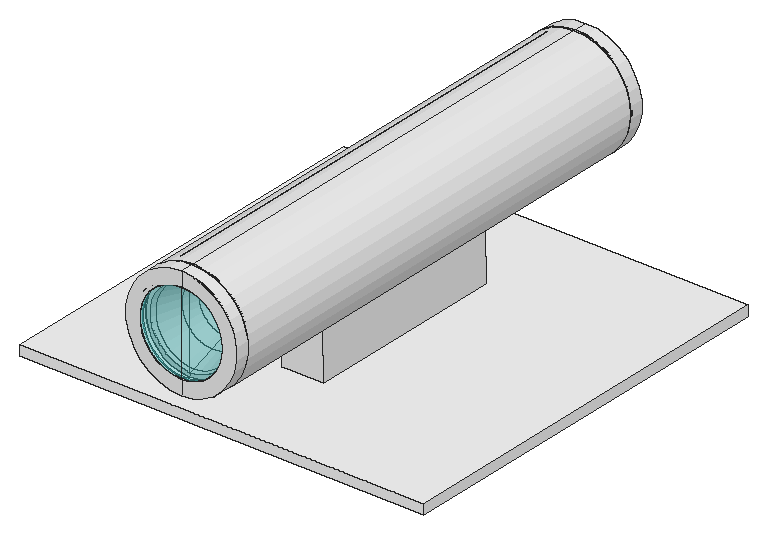
Revit family "BE_24008_de_DE", category Leuchten, Revit 2015
Parameters (values of type "BEGA_24008_Weiß_K4")
  built-in parameter 1150104 = 14.279 (stored number, unit not read)
  Wattage = 24.2 W
  Default Elevation = 0 mm
  built-in parameter 1150113 = 1 (stored number, unit not read)
  built-in parameter 1114218 = 1 (stored number, unit not read)
  Umgebungstemperatur = "25 °C"
  URL = "http://www.bega.de/produkt/24008"
  Typenkommentare = "© 2017 BEGA. Wir behalten uns das Recht vor, technische Änderungen ohne vorherige Ankündigung vorzunehmen."  # constant formula
  Type Image = 24008.png
  built-in parameter 1150134 = 12
  built-in parameter 1150109 = 1 (stored number, unit not read)
  Strom = ""
  built-in parameter 1150110 = 1 (stored number, unit not read)
  Spannung = 239.996 V
  Sonderanfertigung = no
  Seriennummer [instance] = "Hier können Sie die eindeutige Seriennummer für das Facility Management eintragen."
  Schutzklasse = "I"
  Schutzart = "IP 65"
  Scheinlast = 0 VA
  Produktdatenblatt = "http://www.bega.de/download/Xrfa/db/24008.db.de.pdf"
  Oberflächentemperatur = ""
  Neigungswinkel = 0.00°
  Modell = "24008WK4"
  Material_17 = BEGA_Reflektor
  Material_15 = BEGA_Leuchtmedium_matt
  Material_11 = BEGA_Glas_opal
  Material_09 = BEGA_Glas_klar
  Material_06 = BEGA_Oberfläche_Edelstahl_gebürstet
  Material_03 = BEGA_Oberfläche_Weiss_matt
  Material_02 = BEGA_Oberfläche_Silber_matt
  Material_01 [instance] = BEGA_Oberfläche_Grafit_matt
  M_W = yes
  M_G = no
  M_A = no
  Logo = 0
  built-in parameter 1114217 = 1 (stored number, unit not read)
  built-in parameter 1150139 = (empty or 0)
  built-in parameter 1150105 = 295.99 (stored number, unit not read)
  built-in parameter 1150114 = 1 (stored number, unit not read)
  Lumens = 3719.54 lm
  built-in parameter 1150115 = 1 (stored number, unit not read)
  Leuchtenlichtstrom = "2369 lm"
  Leuchtenanzahl = ""
  Lebensdauerkriterien = "L70B50 @ 25 °C = 330000 h"
  Lastklassifizierung = Beleuchtung
  built-in parameter 1150112 = 1 (stored number, unit not read)
  Lampenlichtstrom = "3720 lm"
  Lampe = "LED 24.2 W"
  LED_Modulbezeichnung = "2x LED-0813/840"
  built-in parameter 1150142 = (empty or 0)
  Hersteller = "BEGA"  # constant formula
  Halbstreuwinkel = ""
  Gewicht = "3.2 kg"
  Gebrauchslageneinschränkung [instance] = ""
  Frequenz = "0/50-60 Hz"
  Farbwiedergabeindex = "Ra > 80"
  Farbtemperaturverschiebung bei Dämpfen der Lampe = <Keine Auswahl>
  Farbtemperatur = "4000 K"
  Color Filter = 16777215
  built-in parameter 1150133 = 10 (stored number, unit not read)
  Energieeffizienzklasse = "LED A++ - A"
  built-in parameter 1150137 = (empty or 0)
  built-in parameter 1150132 = (empty or 0)
  ENEC = ""
  Dimmbar [instance] = "DALI"
  Datei für fotometrisches Netz = "BE_24008K4.IES"
  CE_Konformität = "ja"
  Bestellnummer = "24008WK4"
  Beschreibung_Sonderanfertigung = "Hier können Sie Informationen zur Sonderanfertigung eintragen."
  Beschreibung = "Wandleuchte"
  built-in parameter 1150106 = 2.9599 (stored number, unit not read)
  Befestigungsbohrung = "Ø 5,3 mm"
  Befestigungsabstand = "160 x 14 mm"
  Ballwurfsicher = ""
  BEGA_Intern_aus = yes
  BEGA_Intern_an = yes
  BEGA_Intern_Konstruktion = yes
  BEGA_Intern = yes
  BEGA_IES = yes
  BEGA_Dummy = no
  Anschlussleitung = ""
  Anschlussleistung [instance] = "28 W"
  Anschlusskasten = ""
  built-in parameter 1150107 = 4000 (stored number, unit not read)
  built-in parameter 1150102 = (empty or 0)
  built-in parameter 1150138 = (empty or 0)
  Aktualisierung = "2017-06-27T04:08:34"
  Abstand_zur_angestrahlten_Fläche [instance] = ""
  AC/DC = "AC/DC"
Types (6, lengths in mm): name | built-in parameter 1150104 | Wattage | built-in parameter 1150134 | Modell | M_W | M_G | M_A | built-in parameter 1150105 | Lumens | Leuchtenlichtstrom | Lampenlichtstrom | LED_Modulbezeichnung | Farbtemperatur | Datei für fotometrisches Netz | Bestellnummer | built-in parameter 1150106 | built-in parameter 1150107
  BEGA_24008_Weiß_K4 | 14.279 (stored number, unit not read) | 24.2 W | 12 | "24008WK4" | yes | no | no | 295.99 (stored number, unit not read) | 3719.54 lm | "2369 lm" | "3720 lm" | "2x LED-0813/840" | "4000 K" | "BE_24008K4.IES" | "24008WK4" | 2.9599 (stored number, unit not read) | 4000 (stored number, unit not read)
  BEGA_24008_Weiß_K3 | 13.359 (stored number, unit not read) | 24.2 W | (empty or 0) | "24008W" | yes | no | no | 276.93 (stored number, unit not read) | 3479.96 lm | "2216 lm" | "3480 lm" | "2x LED-0813/830 " | "3000 K" | "BE_24008.IES" | "24008W" | 2.7693 (stored number, unit not read) | 3000 (stored number, unit not read)
  BEGA_24008_Grafit_K4 | 13.8 (stored number, unit not read) | 153.7 W | 12 | "24008K4" | no | yes | no | 1816.8 (stored number, unit not read) | 22830.9 lm | "2369 lm" | "3720 lm" | "2x LED-0813/840" | "4000 K" | "BE_24008K4.IES" | "24008K4" | 18.168 (stored number, unit not read) | 4000 (stored number, unit not read)
  BEGA_24008_Silber_K4 | 14.279 (stored number, unit not read) | 24.2 W | 12 | "24008AK4" | no | no | yes | 295.99 (stored number, unit not read) | 3719.54 lm | "2369 lm" | "3720 lm" | "2x LED-0813/840" | "4000 K" | "BE_24008K4.IES" | "24008AK4" | 2.9599 (stored number, unit not read) | 4000 (stored number, unit not read)
  BEGA_24008_Silber_K3 | 13.359 (stored number, unit not read) | 24.2 W | (empty or 0) | "24008A" | no | no | yes | 276.93 (stored number, unit not read) | 3479.96 lm | "2216 lm" | "3480 lm" | "2x LED-0813/830 " | "3000 K" | "BE_24008.IES" | "24008A" | 2.7693 (stored number, unit not read) | 3000 (stored number, unit not read)
  BEGA_24008_Grafit_K3 | 13.359 (stored number, unit not read) | 24.2 W | (empty or 0) | "24008" | no | yes | no | 276.93 (stored number, unit not read) | 3479.96 lm | "2216 lm" | "3480 lm" | "2x LED-0813/830 " | "3000 K" | "BE_24008.IES" | "24008" | 2.7693 (stored number, unit not read) | 3000 (stored number, unit not read)
Reference planes
  plane 1 "Mitte (Vorne/Hinten)": y = 0
  plane 2: z = 0
  plane 3 "Mitte (Links/Rechts)": x = 0
  plane 4 "Links": x = -55
  plane 5 "Rechts": x = 55
  plane 6 "Unten": y = -249.991
  plane 7 "Oben": y = 250
  plane 8 "Vorne": z = 157.5
  plane 9 "Hinten": z = 0
Forms (mm)
  Extrusion 1, solid, material "BEGA_Platte_Weiss"
    sketch origin (0, -1119.2, 0) x (1, 0, 0) y (0, 1, 0)
      loop
        line (-200, 1319.2) -> (-200, 919.2) -> (200, 919.2) -> (200, 1319.2) -> (-200, 1319.2)
    from 0 to -10
  Extrusion 2, solid, material "BEGA_Dummy_matt", visible <- "BEGA_Dummy"
    sketch origin (80.095, -76.023, 0) x (1, 0, 0) y (0, 1, 0)
      loop
        line (-135.095, 326.023) -> (-135.095, -173.968) -> (-25.095, -173.968) -> (-25.095, 326.023) -> (-135.095, 326.023)
    from 0 to 157.5
Dimensions and locks
  plane 1 "Mitte (Vorne/Hinten)" to Extrusion 1 = 200 mm
  aligned and locked: plane 2 to Extrusion 1
  aligned and locked: level to Extrusion 1
Nested families
  nested 1: "BE_24008_Wandleuchte" at (0, 0, 0), type "BE_24008_Wandleuchte"
    with Neigungswinkel_um_Y2 0.00°, Neigungswinkel_um_Y1 0.00°, Neigungswinkel_um_X2 0.00°, Neigungswinkel_um_X1 0.00°, Drehwinkel_um_Z2 0.00°, Drehwinkel_um_Z1 0.00°, BEGA_Neigng_Y2 0.00°, BEGA_Neigng_Y1 0.00°, BEGA_Neigng_X2 0.00°, BEGA_Neigng_X1 0.00°, BEGA_Infotext_Winkel no
Connectors
  electrical at (0, 0, 0), driven by "Lastklassifizierung", driven by "Spannung", driven by "Scheinlast"
    settings: index 1, voltage 239.996 V, apparent load 0 VA, apparent load phase1 0 VA, apparent load phase2 0 VA, apparent load phase3 0 VA, power factor 1, load classification "Beleuchtung", number of poles 1, system type 31, power factor state 1, is connector primary yes, connector utility no, sub classification motor no, connector description ""
Definition of nested family "BE_24008_Wandleuchte"
  Parameters (values of type "BE_24008_Wandleuchte")
    Default Elevation = 1 mm
    URL = "http://www.bega.de/de/produkt"
    Type Comments = "© 2015 BEGA. Wir behalten uns das Recht vor, technische Änderungen ohne vorherige Ankündigung vorzunehmen. "  # constant formula
    Type Image = Bega_Revit_Typenbild_78x78.png
    Neigungswinkel_um_Y2 [instance] = 0.00°
    Neigungswinkel_um_Y1 [instance] = 0.00°
    Neigungswinkel_um_X2 [instance] = 0.00°
    Neigungswinkel_um_X1 [instance] = 0.00°
    Material_17 = none
    Material_15 = none
    Material_09 = none
    Material_03 = none
    Material_02 = none
    Material_01 = none
    M_W = yes
    M_G = yes
    M_A = yes
    Länge_Platte = 200 mm  # constant formula
    Höhe_Platte = -10 mm  # constant formula
    Manufacturer = "BEGA"  # constant formula
    Drehwinkel_um_Z2 [instance] = 0.00°
    Drehwinkel_um_Z1 [instance] = 0.00°
    Breite_Platte = 200 mm  # constant formula
    BEGA_Neigng_Y2 [instance] = if(Neigungswinkel_um_Y2 < -30.00°, -30.00°, if(Neigungswinkel_um_Y2 > 30.00°, 30.00°, Neigungswinkel_um_Y2))  # 0.00°
    BEGA_Neigng_Y1 [instance] = if(Neigungswinkel_um_X2 < -30.00°, -30.00°, if(Neigungswinkel_um_X2 > 30.00°, 30.00°, Neigungswinkel_um_X2))  # 0.00°
    BEGA_Neigng_X2 [instance] = if(Neigungswinkel_um_Y1 < -30.00°, -30.00°, if(Neigungswinkel_um_Y1 > 30.00°, 30.00°, Neigungswinkel_um_Y1))  # 0.00°
    BEGA_Neigng_X1 [instance] = if(Neigungswinkel_um_X1 < -30.00°, -30.00°, if(Neigungswinkel_um_X1 > 30.00°, 30.00°, Neigungswinkel_um_X1))  # 0.00°
    BEGA_Infotext_Winkel [instance] = if(or(Neigungswinkel_um_X1 < -30.00°, Neigungswinkel_um_X1 > 30.00°, Neigungswinkel_um_X2 < -30.00°, Neigungswinkel_um_X2 > 30.00°, Neigungswinkel_um_Y1 < -30.00°, Neigungswinkel_um_Y1 > 30.00°, Neigungswinkel_um_Y2 < -30.00°, Neigungswinkel_um_Y2 > 30.00°), 1 < 2, 1 > 2)  # no
    Aktualisierung = "Stand: 25.03.2015"  # constant formula
  Reference planes
    plane 1 "Mitte (Vorne/Hinten)": y = 0
    plane 2: z = 0
    plane 3 "Mitte (Links/Rechts)": x = 0
    plane 4 "Befestigung Links": x = -55
    plane 5 "Befestigung Rechts": x = 55
    plane 6: z = 157.5
    plane 7: y = 250
    plane 8: y = -249.991
  Forms (mm)
    Extrusion 1, solid, detail levels medium
      sketch origin (0, 0, 0) x (1, 0, 0) y (0, 1, 0)
        loop
          line (-100, 100) -> (-100, -100) -> (100, -100) -> (100, 100) -> (-100, 100)
      from 0 to -10 <- "Höhe_Platte"
    Extrusion 2, solid, material <- "Material_01", visible <- "M_G", detail levels medium+fine
      sketch origin (0, 0, 0) x (1, 0, 0) y (0, 0, 1)
        loop
          line (20.847, 0) -> (20, 48.5) -> (17.678, 50.822)
          arc (17.678, 50.822) -> (16.556, 49.768) -> (15.372, 48.785) r 25
          arc (15.372, 48.785) -> (0.121, 43.5) -> (-15.18, 48.636) r 25
          arc (-15.18, 48.636) -> (-16.465, 49.688) -> (-17.678, 50.822) r 25
          line (-17.678, 50.822) -> (-20, 48.5) -> (-20.847, 0) -> (20.847, 0)
      from -100 to 100
    Extrusion 3, void
      sketch origin (0, 0, 0) x (1, 0, 0) y (0, 1, 0)
        loop
          line (-15.384, 71.433) -> (-15.384, -71.433) -> (15.384, -71.433) -> (15.384, 71.433) -> (-15.384, 71.433)
      from 0 to 11.465
    Extrusion 4, void
      sketch origin (0, 0, 0) x (0, 1, 0) y (0, 0, 1)
        loop
          line (87.516, 43) -> (-87.53, 43) -> (-86.5, 13.501) -> (86.501, 13.501) -> (87.516, 43)
      from -13.32 to 13.455
    Extrusion 5, void
      sketch origin (0, 0, 0) x (1, 0, 0) y (0, 1, 0)
        loop
          circle (7, -80) r 2.65
        loop
          circle (-7, 80) r 2.65
      from 0 to 13.5
    Extrusion 6, void
      sketch origin (0, 0, 0) x (1, 0, 0) y (0, 1, 0)
        loop
          circle (-7, 80) r 5.5
        loop
          circle (7, -80) r 5.5
      from 3.965 to 13.5
    Extrusion 7, void
      sketch origin (0, 0, 0) x (1, 0, 0) y (0, 1, 0)
        loop
          circle (0, 57.191) r 8.5
        loop
          circle (0, 24) r 8.5
      from 11.465 to 13.5
    Revolve 8, solid, material <- "Material_09", detail levels medium+fine
      sketch origin (0, 0, 0) x (0, 1, 0) y (0, 0, 1)
        loop
          line (250, 102.5) -> (250, 143.2) -> (246, 143.2) -> (246, 145.75) -> (240, 145.75) -> (240, 102.5) -> (250, 102.5)
        axis (240, 102.5) -> (250, 102.5)
      angle from 0 to 360
    Revolve 9, solid, material <- "Material_09", detail levels medium+fine
      sketch origin (0, 0, 0) x (0, -1, 0) y (0, 0, 1)
        loop
          line (250, 102.5) -> (250, 143.2) -> (246, 143.2) -> (246, 145.75) -> (240, 145.75) -> (240, 102.5) -> (250, 102.5)
        axis (240, 102.5) -> (250, 102.5)
      angle from 0 to 360
    Revolve 10, solid, material <- "Material_17", detail levels medium+fine
      sketch origin (0, 0, 0) x (0, 1, 0) y (0, 0, 1)
        loop
          line (179.656, 110) -> (180.22, 116.443)
          arc (180.22, 116.443) -> (188.873, 122.105) -> (198.109, 126.756) r 91.573
          arc (198.109, 126.756) -> (205.26, 129.762) -> (212.48, 132.596) r 323.555
          arc (212.48, 132.596) -> (223.888, 136.638) -> (235.46, 140.186) r 281.579
          arc (235.46, 140.186) -> (237.729, 140.848) -> (240, 141.5) r 514.681
          line (240, 141.5) -> (240, 145.25) -> (239.138, 145.25) -> (239.138, 141.774) -> (236.064, 140.884)
          arc (236.064, 140.884) -> (227.608, 138.33) -> (219.214, 135.579) r 378.531
          arc (219.214, 135.579) -> (208.24, 131.549) -> (197.446, 127.061) r 278.266
          arc (197.446, 127.061) -> (188.09, 122.269) -> (179.357, 116.419) r 90.068
          line (179.357, 116.419) -> (178.795, 110) -> (179.656, 110)
        axis (178.795, 102.5) -> (240, 102.5)
      angle from 0 to 360
    Revolve 11, solid, material <- "Material_17", detail levels medium+fine
      sketch origin (0, 0, 0) x (0, -1, 0) y (0, 0, 1)
        loop
          line (179.656, 110) -> (180.22, 116.443)
          arc (180.22, 116.443) -> (188.873, 122.105) -> (198.109, 126.756) r 91.573
          arc (198.109, 126.756) -> (205.26, 129.762) -> (212.48, 132.596) r 323.555
          arc (212.48, 132.596) -> (223.888, 136.638) -> (235.46, 140.186) r 281.579
          arc (235.46, 140.186) -> (237.729, 140.848) -> (240, 141.5) r 514.681
          line (240, 141.5) -> (240, 145.25) -> (239.138, 145.25) -> (239.138, 141.774) -> (236.064, 140.884)
          arc (236.064, 140.884) -> (227.608, 138.33) -> (219.214, 135.579) r 378.531
          arc (219.214, 135.579) -> (208.24, 131.549) -> (197.446, 127.061) r 278.266
          arc (197.446, 127.061) -> (188.09, 122.269) -> (179.357, 116.419) r 90.068
          line (179.357, 116.419) -> (178.795, 110) -> (179.656, 110)
        axis (178.795, 102.5) -> (240, 102.5)
      angle from 0 to 360
    Revolve 12, solid, material <- "Material_15", detail levels medium+fine
      sketch origin (0, 0, 0) x (0, 1, 0) y (0, 0, 1)
        loop
          line (179.656, 102.5) -> (179.656, 110) -> (178.795, 110) -> (178.795, 102.5) -> (179.656, 102.5)
        axis (178.795, 102.5) -> (179.795, 102.5)
      angle from 0 to 360
    Revolve 13, solid, material <- "Material_15", detail levels medium+fine
      sketch origin (0, 0, 0) x (0, -1, 0) y (0, 0, 1)
        loop
          line (179.656, 102.5) -> (179.656, 110) -> (178.795, 110) -> (178.795, 102.5) -> (179.656, 102.5)
        axis (178.795, 102.5) -> (179.795, 102.5)
      angle from 0 to 360
    Revolve 14, solid, material <- "Material_01", visible <- "M_G", detail levels medium+fine
      sketch origin (0, 0, 0) x (0, 1, 0) y (0, 0, 1)
        loop
          line (235.5, 157.5) -> (-235.491, 157.5) -> (-235.491, 155.25) -> (-238.991, 155.25) -> (-238.991, 154) -> (239, 154) -> (239, 155.25) -> (235.5, 155.25) -> (235.5, 157.5)
        axis (-238.991, 102.5) -> (239, 102.5)
      angle from 0 to 360
    Revolve 15, solid, material <- "Material_01", visible <- "M_G", detail levels medium+fine
      sketch origin (0, 0, 0) x (0, 1, 0) y (0, 0, 1)
        loop
          line (250, 157.523) -> (237, 157.75) -> (237, 155.75) -> (239, 155.715) -> (239, 153.905)
          arc (239, 153.905) -> (239.287, 153.204) -> (239.984, 152.905) r 1
          line (239.984, 152.905) -> (246, 152.8) -> (246, 147.526) -> (247.5, 147.5) -> (247.5, 143.719) -> (250, 143.5) -> (250, 157.523)
        axis (237, 102.5) -> (250, 102.5)
      angle from 0 to 360
    Revolve 16, solid, material <- "Material_01", visible <- "M_G", detail levels medium+fine
      sketch origin (0, 0, 0) x (0, -1, 0) y (0, 0, 1)
        loop
          line (250, 157.523) -> (237, 157.75) -> (237, 155.75) -> (239, 155.715) -> (239, 153.905)
          arc (239, 153.905) -> (239.287, 153.204) -> (239.984, 152.905) r 1
          line (239.984, 152.905) -> (246, 152.8) -> (246, 147.526) -> (247.5, 147.5) -> (247.5, 143.719) -> (250, 143.5) -> (250, 157.523)
        axis (237, 102.5) -> (250, 102.5)
      angle from 0 to 360
    Extrusion 17, solid, material <- "Material_02", visible <- "M_A", detail levels medium+fine
      sketch origin (0, 0, 0) x (1, 0, 0) y (0, 0, 1)
        loop
          line (20.847, 0) -> (20, 48.5) -> (17.678, 50.822)
          arc (17.678, 50.822) -> (16.556, 49.768) -> (15.372, 48.785) r 25
          arc (15.372, 48.785) -> (0.121, 43.5) -> (-15.18, 48.636) r 25
          arc (-15.18, 48.636) -> (-16.465, 49.688) -> (-17.678, 50.822) r 25
          line (-17.678, 50.822) -> (-20, 48.5) -> (-20.847, 0) -> (20.847, 0)
      from -100 to 100
    Revolve 18, solid, material <- "Material_02", visible <- "M_A", detail levels medium+fine
      sketch origin (0, 0, 0) x (0, 1, 0) y (0, 0, 1)
        loop
          line (235.5, 157.5) -> (-235.491, 157.5) -> (-235.491, 155.25) -> (-238.991, 155.25) -> (-238.991, 154) -> (239, 154) -> (239, 155.25) -> (235.5, 155.25) -> (235.5, 157.5)
        axis (-238.991, 102.5) -> (239, 102.5)
      angle from 0 to 360
    Revolve 19, solid, material <- "Material_02", visible <- "M_A", detail levels medium+fine
      sketch origin (0, 0, 0) x (0, 1, 0) y (0, 0, 1)
        loop
          line (250, 157.523) -> (237, 157.75) -> (237, 155.75) -> (239, 155.715) -> (239, 153.905)
          arc (239, 153.905) -> (239.287, 153.204) -> (239.984, 152.905) r 1
          line (239.984, 152.905) -> (246, 152.8) -> (246, 147.526) -> (247.5, 147.5) -> (247.5, 143.719) -> (250, 143.5) -> (250, 157.523)
        axis (237, 102.5) -> (250, 102.5)
      angle from 0 to 360
    Revolve 20, solid, material <- "Material_02", visible <- "M_A", detail levels medium+fine
      sketch origin (0, 0, 0) x (0, -1, 0) y (0, 0, 1)
        loop
          line (250, 157.523) -> (237, 157.75) -> (237, 155.75) -> (239, 155.715) -> (239, 153.905)
          arc (239, 153.905) -> (239.287, 153.204) -> (239.984, 152.905) r 1
          line (239.984, 152.905) -> (246, 152.8) -> (246, 147.526) -> (247.5, 147.5) -> (247.5, 143.719) -> (250, 143.5) -> (250, 157.523)
        axis (237, 102.5) -> (250, 102.5)
      angle from 0 to 360
    Extrusion 21, solid, material <- "Material_03", visible <- "M_W", detail levels medium+fine
      sketch origin (0, 0, 0) x (1, 0, 0) y (0, 0, 1)
        loop
          line (20.847, 0) -> (20, 48.5) -> (17.678, 50.822)
          arc (17.678, 50.822) -> (16.556, 49.768) -> (15.372, 48.785) r 25
          arc (15.372, 48.785) -> (0.121, 43.5) -> (-15.18, 48.636) r 25
          arc (-15.18, 48.636) -> (-16.465, 49.688) -> (-17.678, 50.822) r 25
          line (-17.678, 50.822) -> (-20, 48.5) -> (-20.847, 0) -> (20.847, 0)
      from -100 to 100
    Revolve 22, solid, material <- "Material_03", visible <- "M_W", detail levels medium+fine
      sketch origin (0, 0, 0) x (0, 1, 0) y (0, 0, 1)
        loop
          line (235.5, 157.5) -> (-235.491, 157.5) -> (-235.491, 155.25) -> (-238.991, 155.25) -> (-238.991, 154) -> (239, 154) -> (239, 155.25) -> (235.5, 155.25) -> (235.5, 157.5)
        axis (-238.991, 102.5) -> (239, 102.5)
      angle from 0 to 360
    Revolve 23, solid, material <- "Material_03", visible <- "M_W", detail levels medium+fine
      sketch origin (0, 0, 0) x (0, 1, 0) y (0, 0, 1)
        loop
          line (250, 157.523) -> (237, 157.75) -> (237, 155.75) -> (239, 155.715) -> (239, 153.905)
          arc (239, 153.905) -> (239.287, 153.204) -> (239.984, 152.905) r 1
          line (239.984, 152.905) -> (246, 152.8) -> (246, 147.526) -> (247.5, 147.5) -> (247.5, 143.719) -> (250, 143.5) -> (250, 157.523)
        axis (237, 102.5) -> (250, 102.5)
      angle from 0 to 360
    Revolve 24, solid, material <- "Material_03", visible <- "M_W", detail levels medium+fine
      sketch origin (0, 0, 0) x (0, -1, 0) y (0, 0, 1)
        loop
          line (250, 157.523) -> (237, 157.75) -> (237, 155.75) -> (239, 155.715) -> (239, 153.905)
          arc (239, 153.905) -> (239.287, 153.204) -> (239.984, 152.905) r 1
          line (239.984, 152.905) -> (246, 152.8) -> (246, 147.526) -> (247.5, 147.5) -> (247.5, 143.719) -> (250, 143.5) -> (250, 157.523)
        axis (237, 102.5) -> (250, 102.5)
      angle from 0 to 360
  Cuts and joins
    Extrusion 3, Extrusion 4, Extrusion 5, Extrusion 6, Extrusion 7 cuts Extrusion 2
    joined: Revolve 15, Revolve 16
    joined: Revolve 8, Revolve 9
    joined: Revolve 10, Revolve 11
    joined: Revolve 12, Revolve 13
    Extrusion 3, Extrusion 5, Extrusion 7 cuts Extrusion 17
    Extrusion 3, Extrusion 5, Extrusion 7 cuts Extrusion 21
  Dimensions and locks
    equal spacing: Extrusion 1 sketch curve, plane 3 "Mitte (Links/Rechts)", Extrusion 1 sketch curve
    equal spacing: Extrusion 1 sketch curve, plane 1 "Mitte (Vorne/Hinten)", Extrusion 1 sketch curve
    "Länge_Platte": Extrusion 1 sketch curve to Extrusion 1 sketch curve
    "Breite_Platte": Extrusion 1 sketch curve to Extrusion 1 sketch curve
    plane 1 "Mitte (Vorne/Hinten)" to Extrusion 1 = 100 mm  (x3)
    aligned and locked: Extrusion 1 to plane 2
    aligned and locked: Extrusion 1 to level
  Automatic sketch dimensions
    Extrusion 2 sketch curve to Extrusion 2 sketch curve = 0 mm  (x7)
    Extrusion 2 sketch curve to level = 0 mm
    Extrusion 2 sketch curve to plane 3 "Mitte (Links/Rechts)" = 0 mm
    Extrusion 2 sketch curve to plane 3 "Mitte (Links/Rechts)" = 17.678 mm
    Extrusion 2 sketch curve to Extrusion 2 sketch curve = 2.322 mm  (x3)
    Extrusion 2 sketch curve to plane 3 "Mitte (Links/Rechts)" = 20.847 mm
    plane 3 "Mitte (Links/Rechts)" to Extrusion 2 sketch curve = 17.678 mm
    plane 3 "Mitte (Links/Rechts)" to Extrusion 2 sketch curve = 20.847 mm
    level to Extrusion 2 sketch curve = 48.5 mm
    Extrusion 2 sketch curve to Extrusion 2 sketch curve = 17.678 mm
    Extrusion 2 sketch curve to Extrusion 2 sketch curve = 2.498 mm
    Extrusion 2 sketch curve to Extrusion 2 sketch curve = 2.306 mm
    Extrusion 3 sketch curve to plane 3 "Mitte (Links/Rechts)" = 15.384 mm
    plane 3 "Mitte (Links/Rechts)" to Extrusion 3 sketch curve = 15.384 mm
    plane 1 "Mitte (Vorne/Hinten)" to Extrusion 3 sketch curve = 71.433 mm
    Extrusion 3 sketch curve to plane 1 "Mitte (Vorne/Hinten)" = 71.433 mm
    level to Extrusion 4 sketch curve = 13.501 mm
    Extrusion 4 sketch curve to Extrusion 4 sketch curve = 1.03 mm
    Extrusion 4 sketch curve to Extrusion 4 sketch curve = 1.014 mm
    Extrusion 4 sketch curve to Extrusion 4 sketch curve = 29.499 mm
    Extrusion 5 sketch curve to plane 3 "Mitte (Links/Rechts)" = 7 mm
    plane 3 "Mitte (Links/Rechts)" to Extrusion 5 sketch curve = 7 mm
    Extrusion 6 sketch curve to plane 3 "Mitte (Links/Rechts)" = 7 mm
    plane 3 "Mitte (Links/Rechts)" to Extrusion 6 sketch curve = 7 mm
    Extrusion 7 sketch curve to plane 3 "Mitte (Links/Rechts)" = 0 mm  (x2)
    Extrusion 7 sketch curve to plane 1 "Mitte (Vorne/Hinten)" = 24 mm
    Extrusion 7 sketch curve to Extrusion 7 sketch curve = 33.19 mm
    Revolve 8 sketch curve to Revolve 8 sketch curve = 6 mm
    Revolve 8 sketch curve to Revolve 8 sketch curve = 10 mm
    Revolve 8 sketch curve to Revolve 8 sketch curve = 0 mm
    Revolve 8 sketch curve to Revolve 8 sketch curve = 40.7 mm
    Revolve 8 sketch curve to Revolve 8 sketch curve = 2.55 mm
    Revolve 8 sketch curve to Revolve 8 sketch curve = 0.199 mm
    Revolve 9 sketch curve to Revolve 9 sketch curve = 6 mm
    Revolve 9 sketch curve to Revolve 9 sketch curve = 10 mm
    Revolve 9 sketch curve to Revolve 9 sketch curve = 40.7 mm
    Revolve 9 sketch curve to Revolve 9 sketch curve = 2.55 mm
    Revolve 9 sketch curve to Revolve 9 sketch curve = 0.199 mm
    Revolve 10 sketch curve to Revolve 10 sketch curve = 0.562 mm
    Revolve 10 sketch curve to Revolve 10 sketch curve = 0.861 mm
    Revolve 10 sketch curve to Revolve 10 sketch curve = 0.863 mm
    Revolve 10 sketch curve to Revolve 10 sketch curve = 0.847 mm
    Revolve 10 sketch curve to Revolve 10 sketch curve = 3.074 mm
    Revolve 10 sketch curve to Revolve 10 sketch curve = 0.862 mm
    Revolve 10 sketch curve to Revolve 10 sketch curve = 2.56 mm
    Revolve 10 sketch curve to Revolve 10 sketch curve = 14.866 mm
    Revolve 10 sketch curve to Revolve 10 sketch curve = 14.213 mm
    Revolve 10 sketch curve to Revolve 10 sketch curve = 39.524 mm
    Revolve 10 sketch curve to Revolve 10 sketch curve = 3.15 mm
    Revolve 10 sketch curve to Revolve 10 sketch curve = 39.255 mm
    Revolve 10 sketch curve to Revolve 10 sketch curve = 52.741 mm
    Revolve 10 sketch curve to Revolve 10 sketch curve = 130.817 mm
    level to Revolve 10 sketch curve = 42.77 mm
    Revolve 10 sketch curve to Revolve 10 sketch curve = 1.868 mm
    Revolve 10 sketch curve to Revolve 10 sketch curve = 7.5 mm
    Revolve 10 sketch curve to Revolve 10 sketch curve = 6.419 mm
    Revolve 10 sketch curve to Revolve 10 sketch curve = 0.024 mm
    Revolve 10 sketch curve to Revolve 10 sketch curve = 14.129 mm
    Revolve 10 sketch curve to Revolve 10 sketch curve = 0.615 mm
    Revolve 10 sketch curve to Revolve 10 sketch curve = 0.274 mm
    Revolve 10 sketch curve to Revolve 10 sketch curve = 3.476 mm
    Revolve 10 sketch curve to Revolve 10 sketch curve = 0 mm  (x3)
    Revolve 10 sketch curve to Revolve 10 sketch curve = 9.801 mm
    Revolve 11 sketch curve to Revolve 11 sketch curve = 0.562 mm
    Revolve 11 sketch curve to Revolve 11 sketch curve = 0.861 mm
    Revolve 11 sketch curve to Revolve 11 sketch curve = 0.863 mm
    Revolve 11 sketch curve to Revolve 11 sketch curve = 0.847 mm
    Revolve 11 sketch curve to Revolve 11 sketch curve = 3.074 mm
    Revolve 11 sketch curve to Revolve 11 sketch curve = 0.862 mm
    Revolve 11 sketch curve to Revolve 11 sketch curve = 2.56 mm
    Revolve 11 sketch curve to Revolve 11 sketch curve = 14.866 mm
    Revolve 11 sketch curve to Revolve 11 sketch curve = 14.213 mm
    Revolve 11 sketch curve to Revolve 11 sketch curve = 39.524 mm
    Revolve 11 sketch curve to Revolve 11 sketch curve = 3.15 mm
    Revolve 11 sketch curve to Revolve 11 sketch curve = 39.255 mm
    Revolve 11 sketch curve to Revolve 11 sketch curve = 52.741 mm
    Revolve 11 sketch curve to Revolve 11 sketch curve = 130.817 mm
    Revolve 11 sketch curve to level = 42.77 mm
    Revolve 11 sketch curve to Revolve 11 sketch curve = 1.868 mm
    Revolve 11 sketch curve to Revolve 11 sketch curve = 65.361 mm
    Revolve 11 sketch curve to Revolve 11 sketch curve = 6.419 mm
    Revolve 11 sketch curve to Revolve 11 sketch curve = 0.024 mm
    Revolve 11 sketch curve to Revolve 11 sketch curve = 14.129 mm
    Revolve 11 sketch curve to Revolve 11 sketch curve = 0.615 mm
    Revolve 11 sketch curve to Revolve 11 sketch curve = 0.274 mm
    Revolve 11 sketch curve to Revolve 11 sketch curve = 3.476 mm
    Revolve 11 sketch curve to Revolve 11 sketch curve = 0 mm  (x3)
    Revolve 11 sketch curve to Revolve 11 sketch curve = 9.801 mm
    Revolve 12 sketch curve to Revolve 12 sketch curve = 0.861 mm
    Revolve 12 sketch curve to Revolve 12 sketch curve = 0 mm
    Revolve 12 sketch curve to Revolve 12 sketch curve = 7.5 mm
    Revolve 13 sketch curve to Revolve 13 sketch curve = 0.861 mm
    Revolve 13 sketch curve to Revolve 13 sketch curve = 7.5 mm
    Revolve 14 sketch curve to Revolve 14 sketch curve = 3.5 mm  (x2)
    Revolve 14 sketch curve to Revolve 14 sketch curve = 1.25 mm  (x2)
    Revolve 14 sketch curve to Revolve 14 sketch curve = 2.25 mm
    Revolve 15 sketch curve to Revolve 15 sketch curve = 2 mm  (x2)
    Revolve 15 sketch curve to Revolve 15 sketch curve = 0.984 mm
    Revolve 15 sketch curve to Revolve 15 sketch curve = 1 mm
    Revolve 15 sketch curve to Revolve 15 sketch curve = 6.016 mm
    Revolve 15 sketch curve to Revolve 15 sketch curve = 1.5 mm
    Revolve 15 sketch curve to Revolve 15 sketch curve = 4 mm
    Revolve 15 sketch curve to Revolve 15 sketch curve = 41 mm
    Revolve 15 sketch curve to Revolve 15 sketch curve = 0.219 mm
    Revolve 15 sketch curve to Revolve 15 sketch curve = 3.781 mm
    Revolve 15 sketch curve to Revolve 15 sketch curve = 0.026 mm
    Revolve 15 sketch curve to Revolve 15 sketch curve = 5.274 mm
    Revolve 15 sketch curve to Revolve 15 sketch curve = 0.105 mm
    Revolve 15 sketch curve to Revolve 15 sketch curve = 1.81 mm
    Revolve 15 sketch curve to Revolve 15 sketch curve = 0.035 mm
    Revolve 15 sketch curve to Revolve 15 sketch curve = 4.723 mm
    Revolve 15 sketch curve to Revolve 15 sketch curve = 0.199 mm
    Revolve 16 sketch curve to Revolve 16 sketch curve = 2 mm  (x2)
    Revolve 16 sketch curve to Revolve 16 sketch curve = 0.984 mm
    Revolve 16 sketch curve to Revolve 16 sketch curve = 1 mm
    Revolve 16 sketch curve to Revolve 16 sketch curve = 6.016 mm
    Revolve 16 sketch curve to Revolve 16 sketch curve = 1.5 mm
    Revolve 16 sketch curve to Revolve 16 sketch curve = 4 mm
    Revolve 16 sketch curve to Revolve 16 sketch curve = 0.219 mm
    Revolve 16 sketch curve to Revolve 16 sketch curve = 3.781 mm
    Revolve 16 sketch curve to Revolve 16 sketch curve = 0.026 mm
    Revolve 16 sketch curve to Revolve 16 sketch curve = 5.274 mm
    Revolve 16 sketch curve to Revolve 16 sketch curve = 0.105 mm
    Revolve 16 sketch curve to Revolve 16 sketch curve = 1.81 mm
    Revolve 16 sketch curve to Revolve 16 sketch curve = 0.035 mm
    Revolve 16 sketch curve to Revolve 16 sketch curve = 4.723 mm
    Revolve 16 sketch curve to Revolve 16 sketch curve = 0.199 mm
    Revolve 16 sketch curve to Revolve 16 sketch curve = 41 mm
    Revolve 9 sketch curve to level = 102.5 mm  (x2)
    Revolve 11 sketch curve to level = 102.5 mm
    Revolve 13 sketch curve to level = 102.5 mm  (x2)
    Revolve 14 sketch curve to Revolve 14 sketch curve = 51.5 mm
    Revolve 16 sketch curve to level = 143.5 mm
    Revolve 10 sketch curve to plane 6 = 16.616 mm
    Revolve 10 sketch curve to Revolve 10 sketch curve = 23.584 mm
    Revolve 12 sketch curve to Revolve 12 sketch curve = 70.144 mm
    Revolve 14 sketch curve to Revolve 14 sketch curve = 10.801 mm
    Extrusion 4 sketch curve to plane 1 "Mitte (Vorne/Hinten)" = 86.501 mm
    Extrusion 5 sketch curve to plane 1 "Mitte (Vorne/Hinten)" = 80 mm
    Extrusion 6 sketch curve to plane 1 "Mitte (Vorne/Hinten)" = 80 mm
    Revolve 8 sketch curve to plane 1 "Mitte (Vorne/Hinten)" = 240 mm
    plane 1 "Mitte (Vorne/Hinten)" to Revolve 9 sketch curve = 249.8 mm
    Revolve 10 sketch curve to plane 1 "Mitte (Vorne/Hinten)" = 178.795 mm
    Revolve 10 sketch curve to Revolve 10 sketch curve = 54.105 mm
    plane 1 "Mitte (Vorne/Hinten)" to Revolve 11 sketch curve = 249.8 mm
    Revolve 12 sketch curve to plane 1 "Mitte (Vorne/Hinten)" = 178.795 mm
    plane 1 "Mitte (Vorne/Hinten)" to Revolve 13 sketch curve = 249.8 mm
    Revolve 14 sketch curve to plane 1 "Mitte (Vorne/Hinten)" = 235.5 mm
    Revolve 15 sketch curve to plane 1 "Mitte (Vorne/Hinten)" = 237 mm
    plane 1 "Mitte (Vorne/Hinten)" to Revolve 16 sketch curve = 249.8 mm
    plane 6 to Revolve 11 sketch curve = 16.616 mm
    Revolve 11 sketch curve to Revolve 11 sketch curve = 23.584 mm
    Revolve 13 sketch curve to Revolve 13 sketch curve = 70.144 mm
    Revolve 14 sketch curve to Revolve 14 sketch curve = 10.809 mm
    plane 1 "Mitte (Vorne/Hinten)" to Extrusion 4 sketch curve = 86.5 mm
    plane 1 "Mitte (Vorne/Hinten)" to Extrusion 5 sketch curve = 80 mm
    plane 1 "Mitte (Vorne/Hinten)" to Extrusion 6 sketch curve = 80 mm
    plane 1 "Mitte (Vorne/Hinten)" to Revolve 8 sketch curve = 249.8 mm
    Revolve 9 sketch curve to plane 1 "Mitte (Vorne/Hinten)" = 240 mm
    plane 1 "Mitte (Vorne/Hinten)" to Revolve 10 sketch curve = 249.8 mm
    Revolve 11 sketch curve to plane 1 "Mitte (Vorne/Hinten)" = 178.795 mm
    Revolve 11 sketch curve to Revolve 11 sketch curve = 54.105 mm
    plane 1 "Mitte (Vorne/Hinten)" to Revolve 12 sketch curve = 249.8 mm
    Revolve 13 sketch curve to plane 1 "Mitte (Vorne/Hinten)" = 178.795 mm
    plane 1 "Mitte (Vorne/Hinten)" to Revolve 14 sketch curve = 235.491 mm
    plane 1 "Mitte (Vorne/Hinten)" to Revolve 15 sketch curve = 249.8 mm
    Revolve 16 sketch curve to plane 1 "Mitte (Vorne/Hinten)" = 237 mm
    Revolve 10 sketch curve to Revolve 10 sketch curve = 37.954 mm
    Revolve 11 sketch curve to Revolve 11 sketch curve = 37.954 mm
    Revolve 8 sketch curve to plane 6 = 55 mm
    Revolve 10 sketch curve to Revolve 10 sketch curve = 55.844 mm
    Revolve 12 sketch curve to plane 6 = 55 mm
    Revolve 14 sketch curve to plane 6 = 0 mm
    Revolve 15 sketch curve to plane 6 = 14 mm
    Extrusion 17 sketch curve to Extrusion 17 sketch curve = 0 mm  (x7)
    Extrusion 17 sketch curve to level = 0 mm
    Extrusion 17 sketch curve to plane 3 "Mitte (Links/Rechts)" = 0 mm
    Extrusion 17 sketch curve to plane 3 "Mitte (Links/Rechts)" = 17.678 mm
    Extrusion 17 sketch curve to Extrusion 17 sketch curve = 2.322 mm  (x3)
    Extrusion 17 sketch curve to plane 3 "Mitte (Links/Rechts)" = 20.847 mm
    plane 3 "Mitte (Links/Rechts)" to Extrusion 17 sketch curve = 17.678 mm
    plane 3 "Mitte (Links/Rechts)" to Extrusion 17 sketch curve = 20.847 mm
    level to Extrusion 17 sketch curve = 48.5 mm
    Extrusion 17 sketch curve to Extrusion 17 sketch curve = 17.678 mm
    Extrusion 17 sketch curve to Extrusion 17 sketch curve = 2.498 mm
    Extrusion 17 sketch curve to Extrusion 17 sketch curve = 2.306 mm
    Revolve 18 sketch curve to plane 6 = 0 mm
    Revolve 18 sketch curve to plane 6 = 3.5 mm
    plane 8 to Revolve 18 sketch curve = 11 mm
    Revolve 18 sketch curve to Revolve 18 sketch curve = 3.5 mm  (x2)
    Revolve 18 sketch curve to plane 7 = 14.5 mm
    Revolve 18 sketch curve to Revolve 18 sketch curve = 2.25 mm
    Revolve 18 sketch curve to Revolve 18 sketch curve = 1.25 mm
    plane 8 to Revolve 18 sketch curve = 0.191 mm
    Revolve 18 sketch curve to plane 7 = 0.2 mm
    Revolve 18 sketch curve to Revolve 18 sketch curve = 51.5 mm
    Revolve 19 sketch curve to plane 6 = 1.75 mm
    Revolve 19 sketch curve to plane 7 = 13 mm
    Revolve 19 sketch curve to Revolve 19 sketch curve = 2 mm
    Revolve 19 sketch curve to Revolve 19 sketch curve = 0.984 mm
    Revolve 19 sketch curve to Revolve 19 sketch curve = 1 mm
    Revolve 19 sketch curve to plane 7 = 4 mm
    Revolve 19 sketch curve to plane 7 = 2.5 mm
    Revolve 19 sketch curve to plane 7 = 0 mm
    Revolve 19 sketch curve to plane 6 = 1.785 mm
    Revolve 19 sketch curve to Revolve 19 sketch curve = 1.81 mm
    Revolve 19 sketch curve to plane 6 = 4.7 mm
    Revolve 19 sketch curve to Revolve 19 sketch curve = 5.274 mm
    Revolve 19 sketch curve to Revolve 19 sketch curve = 0.026 mm
    Revolve 19 sketch curve to Revolve 19 sketch curve = 3.781 mm
    Revolve 19 sketch curve to Revolve 19 sketch curve = 0.219 mm
    plane 6 to Revolve 19 sketch curve = 0.023 mm
    plane 6 to Revolve 19 sketch curve = 0.25 mm
    plane 8 to Revolve 19 sketch curve = 0.191 mm
    Revolve 19 sketch curve to plane 7 = 0.2 mm
    Revolve 19 sketch curve to Revolve 19 sketch curve = 41 mm
    plane 6 to Revolve 20 sketch curve = 1.75 mm
    Revolve 20 sketch curve to plane 8 = 12.991 mm
    Revolve 20 sketch curve to Revolve 20 sketch curve = 2 mm
    Revolve 20 sketch curve to Revolve 20 sketch curve = 0.984 mm
    Revolve 20 sketch curve to Revolve 20 sketch curve = 1 mm
    Revolve 20 sketch curve to plane 8 = 3.991 mm
    Revolve 20 sketch curve to plane 8 = 2.491 mm
    plane 8 to Revolve 20 sketch curve = 0.009 mm
    plane 6 to Revolve 20 sketch curve = 1.785 mm
    Revolve 20 sketch curve to Revolve 20 sketch curve = 1.81 mm
    plane 6 to Revolve 20 sketch curve = 4.7 mm
    Revolve 20 sketch curve to Revolve 20 sketch curve = 5.274 mm
    Revolve 20 sketch curve to Revolve 20 sketch curve = 0.026 mm
    Revolve 20 sketch curve to Revolve 20 sketch curve = 3.781 mm
    Revolve 20 sketch curve to Revolve 20 sketch curve = 0.219 mm
    Revolve 20 sketch curve to plane 6 = 0.023 mm
    Revolve 20 sketch curve to plane 6 = 0.25 mm
    plane 7 to Revolve 20 sketch curve = 0.2 mm
    Revolve 20 sketch curve to plane 8 = 0.191 mm
    Revolve 20 sketch curve to Revolve 20 sketch curve = 41 mm
    Extrusion 21 sketch curve to Extrusion 21 sketch curve = 0 mm  (x7)
    Extrusion 21 sketch curve to level = 0 mm
    Extrusion 21 sketch curve to plane 3 "Mitte (Links/Rechts)" = 0 mm
    Extrusion 21 sketch curve to plane 3 "Mitte (Links/Rechts)" = 17.678 mm
    Extrusion 21 sketch curve to Extrusion 21 sketch curve = 2.322 mm  (x3)
    Extrusion 21 sketch curve to plane 3 "Mitte (Links/Rechts)" = 20.847 mm
    plane 3 "Mitte (Links/Rechts)" to Extrusion 21 sketch curve = 17.678 mm
    plane 3 "Mitte (Links/Rechts)" to Extrusion 21 sketch curve = 20.847 mm
    level to Extrusion 21 sketch curve = 48.5 mm
    Extrusion 21 sketch curve to Extrusion 21 sketch curve = 17.678 mm
    Extrusion 21 sketch curve to Extrusion 21 sketch curve = 2.498 mm
    Extrusion 21 sketch curve to Extrusion 21 sketch curve = 2.306 mm
    Revolve 22 sketch curve to plane 6 = 0 mm
    Revolve 22 sketch curve to plane 6 = 3.5 mm
    plane 8 to Revolve 22 sketch curve = 11 mm
    Revolve 22 sketch curve to Revolve 22 sketch curve = 3.5 mm  (x2)
    Revolve 22 sketch curve to plane 7 = 14.5 mm
    Revolve 22 sketch curve to Revolve 22 sketch curve = 2.25 mm
    Revolve 22 sketch curve to Revolve 22 sketch curve = 1.25 mm
    plane 8 to Revolve 22 sketch curve = 0.191 mm
    Revolve 22 sketch curve to plane 7 = 0.2 mm
    Revolve 22 sketch curve to Revolve 22 sketch curve = 51.5 mm
    Revolve 23 sketch curve to plane 6 = 1.75 mm
    Revolve 23 sketch curve to plane 7 = 13 mm
    Revolve 23 sketch curve to Revolve 23 sketch curve = 2 mm
    Revolve 23 sketch curve to Revolve 23 sketch curve = 0.984 mm
    Revolve 23 sketch curve to Revolve 23 sketch curve = 1 mm
    Revolve 23 sketch curve to plane 7 = 4 mm
    Revolve 23 sketch curve to plane 7 = 2.5 mm
    Revolve 23 sketch curve to plane 7 = 0 mm
    Revolve 23 sketch curve to plane 6 = 1.785 mm
    Revolve 23 sketch curve to Revolve 23 sketch curve = 1.81 mm
    Revolve 23 sketch curve to plane 6 = 4.7 mm
    Revolve 23 sketch curve to Revolve 23 sketch curve = 5.274 mm
    Revolve 23 sketch curve to Revolve 23 sketch curve = 0.026 mm
    Revolve 23 sketch curve to Revolve 23 sketch curve = 3.781 mm
    Revolve 23 sketch curve to Revolve 23 sketch curve = 0.219 mm
    plane 6 to Revolve 23 sketch curve = 0.023 mm
    plane 6 to Revolve 23 sketch curve = 0.25 mm
    plane 8 to Revolve 23 sketch curve = 0.191 mm
    Revolve 23 sketch curve to plane 7 = 0.2 mm
    Revolve 23 sketch curve to Revolve 23 sketch curve = 41 mm
    plane 6 to Revolve 24 sketch curve = 1.75 mm
    Revolve 24 sketch curve to plane 8 = 12.991 mm
    Revolve 24 sketch curve to Revolve 24 sketch curve = 2 mm
    Revolve 24 sketch curve to Revolve 24 sketch curve = 0.984 mm
    Revolve 24 sketch curve to Revolve 24 sketch curve = 1 mm
    Revolve 24 sketch curve to plane 8 = 3.991 mm
    Revolve 24 sketch curve to plane 8 = 2.491 mm
    plane 8 to Revolve 24 sketch curve = 0.009 mm
    plane 6 to Revolve 24 sketch curve = 1.785 mm
    Revolve 24 sketch curve to Revolve 24 sketch curve = 1.81 mm
    plane 6 to Revolve 24 sketch curve = 4.7 mm
    Revolve 24 sketch curve to Revolve 24 sketch curve = 5.274 mm
    Revolve 24 sketch curve to Revolve 24 sketch curve = 0.026 mm
    Revolve 24 sketch curve to Revolve 24 sketch curve = 3.781 mm
    Revolve 24 sketch curve to Revolve 24 sketch curve = 0.219 mm
    Revolve 24 sketch curve to plane 6 = 0.023 mm
    Revolve 24 sketch curve to plane 6 = 0.25 mm
    plane 7 to Revolve 24 sketch curve = 0.2 mm
    Revolve 24 sketch curve to plane 8 = 0.191 mm
    Revolve 24 sketch curve to Revolve 24 sketch curve = 41 mm
    radius of Extrusion 5 sketch curve = 2.65 mm  (x2)
    radius of Extrusion 6 sketch curve = 5.5 mm  (x2)
    radius of Extrusion 7 sketch curve = 8.5 mm  (x2)
